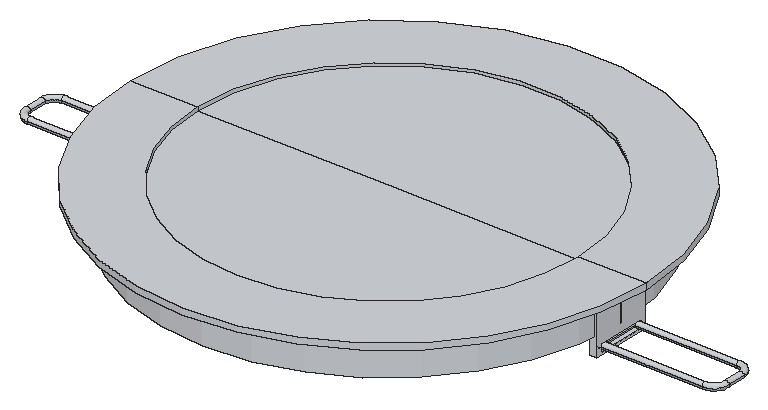
Revit family "0053953", category Lighting Fixtures, host Face, Revit 2017
Family settings
  Host = Face
  Round Connector Dimension = Use Diameter
  Part Type = Normal
  OmniClass Number = 23.80.70.00
  OmniClass Title = Lighting
  Cut with Voids When Loaded = No
  Light Source = Yes
  Shared = No
  Room Calculation Point = No
Parameters (values of type "0053953 SYLFLAT 155 IP44 1100LM 840 DIM")
  Weight = "3.27 kg"
  Wattage Comments = ""
  Wattage = 12 W
  WarrantyStartDate [instance] = "n/a"
  WarrantyGuarantorParts = "n/a"
  WarrantyDurationUnit = "n/a"
  WarrantyDurationParts = "n/a"
  WarrantyDescription = "n/a"
  built-in parameter 1150110 = 1 (stored number, unit not read)
  Voltage = 0 V
  URL = "http://www.sylvania-lighting.com"
  TypeName = "Sylflat 155 IP44 1100lm 840 DIM"
  Type Image = <None>
  Type Comments = "n/a"
  built-in parameter 1114217 = 1 (stored number, unit not read)
  Tilt Angle = -90.00°
  built-in parameter 1150109 = 1 (stored number, unit not read)
  built-in parameter 1150134 = 12
  built-in parameter 1150113 = 1 (stored number, unit not read)
  SerialNumber [instance] = "n/a"
  SIZE_203_SYL = 0
  SIZE_155_SYL = 1
  R_DIFF_SYL = if(SIZE_155_SYL = 1, 63.5 mm, if(SIZE_203_SYL = 1, 86.5 mm, 40 mm))  # 63.5 mm
  R2_SYL = if(SIZE_155_SYL = 1, 77.5 mm, if(SIZE_203_SYL = 1, 101.5 mm, 52.5 mm))  # 77.5 mm
  R1_SYL = if(SIZE_155_SYL = 1, 86 mm, if(SIZE_203_SYL = 1, 113 mm, 60 mm))  # 86 mm
  Photometric Web File = "0053953.ies"
  LUM_HEIGHT_SYL = 15 mm - CHAMF_SYL  # 14 mm
  CLIP_SYL = 10 mm
  CLIP_HOLE_SYL = 2.5 mm
  CLIP_HOLE_HE_SYL = 8.5 mm
  CLIP_D_SYL = R2_SYL - 2.5 mm  # 75 mm
  CLIP_DIST_SYL = R2_SYL - 2.5 mm  # 75 mm
  CLIP_CUTOUT_SYL = 19 mm
  CHAMF_SYL = 1 mm
  Material_3_SYL = none
  PowerFactor = 0.9
  PowerConsumption = "12 W"
  NominalLength = 172 mm
  NominalHeight = 21 mm
  NominalDepth = 172 mm
  Name = "Sylflat 155 IP44 1100lm 840 DIM"
  ModelReference = Name  # "Sylflat 155 IP44 1100lm 840 DIM"
  ModelNumber = "0053953"
  Model = Name  # "Sylflat 155 IP44 1100lm 840 DIM"
  Material = "aluminium housing, other diffuser"
  ManufacturerName = "Feilo Sylvania"
  Manufacturer = "Feilo Sylvania"
  LuminousEfficacy = "92 lm/W"
  built-in parameter 1150105 = 87.854 (stored number, unit not read)
  Lumens = 1104 lm
  LuminaireType = ""
  built-in parameter 1150115 = 1 (stored number, unit not read)
  LightOutputRatio = "n/a"
  built-in parameter 1150137 = (empty or 0)
  built-in parameter 1150139 = (empty or 0)
  LampsType = Lamp  # "LED"
  LampNominalLuminous = "1100 lm"
  LampMacAdamStep = "3"
  LampColourTemperature = "4000 K"
  LampColourRenderingIndex = "80"
  built-in parameter 1150112 = 1 (stored number, unit not read)
  built-in parameter 1150114 = 1 (stored number, unit not read)
  Lamp = "LED"
  Keynote = "16500"
  InstallationDate [instance] = "n/a"
  InputVoltage = "n/a"
  InputNominalFrequency = "n/a"
  built-in parameter 1150132 = (empty or 0)
  built-in parameter 1150102 = (empty or 0)
  built-in parameter 1150107 = 4000 (stored number, unit not read)
  built-in parameter 1150138 = (empty or 0)
  IngressProtection = "IP44/20"
  ImpactProtectionIndex = "IK06"
  built-in parameter 1150106 = 0.87854 (stored number, unit not read)
  IfcExportType = "IfcLightFixtureType"
  IfcExportAs = "IfcLightFixtureType"
  Emit from Circle Diameter = 609.6 mm
  Emit Shape Visible in Rendering = no
  ElectricShockClassification = "Class II"
  built-in parameter 1150104 = 8.5471 (stored number, unit not read)
  DocumentationLiterature = "http://www.sylvania-lighting.com/product/en-int/products/0053953"
  DimmingControlOptions = "n/a"
  Material_2_SYL = none
  Dimming Lamp Color Temperature Shift = <None>
  Description = "Sylflat DIM is an integrated LED recessed downlight with separated phase dimmable driver; 12W; 1100Lm; 92Lm/W; 4000K; IP44 rated from the front; 50,000hrs (L70B50)."
  Default Elevation = 1219.2 mm
  CreatedOn = "8/6/2020"
  CreatedBy = "@sylvania-lighting.com"
  Cost = 0
  Color Filter = 16777215
  built-in parameter 1114216 [instance] = (empty or 0)
  ClassificationValue = "EF_70_80"
  ClassificationName = "Uniclass2015"
  Material_1_SYL = none
  CHAMF_2_SYL = 1 mm
  BarCode [instance] = "n/a"
  built-in parameter 1114218 = 1 (stored number, unit not read)
  built-in parameter 1150133 = 10 (stored number, unit not read)
  AssetType = "Fixed"
  AssetIdentifier [instance] = "n/a"
  Assembly Code = "D5020200"
  Apparent Load = 12 VA
  Material_4_SYL = none
Types (17, lengths in mm): name | Weight | Wattage | TypeName | built-in parameter 1150134 | SIZE_203_SYL | SIZE_155_SYL | R_DIFF_SYL | R2_SYL | R1_SYL | Photometric Web File | CLIP_D_SYL | CLIP_DIST_SYL | PowerFactor | PowerConsumption | NominalLength | NominalHeight | NominalDepth | Name | ModelReference | ModelNumber | Model | Material | LuminousEfficacy | built-in parameter 1150105 | Lumens | LampNominalLuminous | LampMacAdamStep | LampColourTemperature | built-in parameter 1150107 | built-in parameter 1150106 | built-in parameter 1150104 | DocumentationLiterature | Description | Apparent Load
  0053988 SYLFLAT 105 IP44 550LM 830 DIM | "3.555 kg" | 7 W | "Sylflat 105 IP44 550lm 830 DIM" | (empty or 0) | 0 | 1 | 63.5 | 77.5 | 86 | "0053988.ies" | 75 | 75 | 0 | "7 W" | 0 | 0 | 0 | "Sylflat 105 IP44 550lm 830 DIM" | "Sylflat 105 IP44 550lm 830 DIM" | "53988" | "Sylflat 105 IP44 550lm 830 DIM" | "n/a" | "78.57 lm/W" | 43.768 (stored number, unit not read) | 550 lm | "550 lm" | "3" | "3000 K" | 3000 (stored number, unit not read) | 0.43768 (stored number, unit not read) | 7.2995 (stored number, unit not read) | "http://www.sylvania-lighting.com/product/en-int/products/0053988" | "Sylflat DIM is an integrated LED recessed downlight with separated phase dimmable driver; 7W; 550Lm; 79Lm/W; 3000K; IP44 rated from the front; 50,000hrs (L70B50)." | 7 VA
  0053957 SYLFLAT 205 IP44 2250LM 840 DIM | "4.57 kg" | 24 W | "Sylflat 205 IP44 2250lm 840 DIM" | 12 | 1 | 0 | 86.5 | 101.5 | 113 | "0053957.ies" | 99 | 99 | 0.9 | "24 W" | 226 | 21 | 226 | "Sylflat 205 IP44 2250lm 840 DIM" | "Sylflat 205 IP44 2250lm 840 DIM" | "53957" | "Sylflat 205 IP44 2250lm 840 DIM" | "n/a" | "103 lm/W" | 196.72 (stored number, unit not read) | 2472 lm | "2250 lm" | "3" | "4000 K" | 4000 (stored number, unit not read) | 1.9672 (stored number, unit not read) | 9.569 (stored number, unit not read) | "http://www.sylvania-lighting.com/product/en-int/products/0053957" | "Sylflat DIM is an integrated LED recessed downlight with separated phase dimmable driver; 24W; 2250Lm; 103Lm/W; 4000K; IP44 rated from the front; 50,000hrs (L70B50)." | 24 VA
  0053956 SYLFLAT 205 IP44 2200LM 830 DIM | "4.57 kg" | 24 W | "Sylflat 205 IP44 2200lm 830 DIM" | (empty or 0) | 1 | 0 | 86.5 | 101.5 | 113 | "0053956.ies" | 99 | 99 | 0.9 | "24 W" | 226 | 21 | 226 | "Sylflat 205 IP44 2200lm 830 DIM" | "Sylflat 205 IP44 2200lm 830 DIM" | "53956" | "Sylflat 205 IP44 2200lm 830 DIM" | "n/a" | "100 lm/W" | 190.99 (stored number, unit not read) | 2400 lm | "2200 lm" | "3" | "3000 K" | 3000 (stored number, unit not read) | 1.9099 (stored number, unit not read) | 9.2903 (stored number, unit not read) | "http://www.sylvania-lighting.com/product/en-int/products/0053956" | "Sylflat DIM is an integrated LED recessed downlight with separated phase dimmable driver; 24W; 2200Lm; 100Lm/W; 3000K; IP44 rated from the front; 50,000hrs (L70B50)." | 24 VA
  0053955 SYLFLAT 205 IP44 1750LM 840 DIM | "4.57 kg" | 17 W | "Sylflat 205 IP44 1750lm 840 DIM" | 12 | 1 | 0 | 86.5 | 101.5 | 113 | "0053955.ies" | 99 | 99 | 0.9 | "17 W" | 226 | 21 | 226 | "Sylflat 205 IP44 1750lm 840 DIM" | "Sylflat 205 IP44 1750lm 840 DIM" | "53955" | "Sylflat 205 IP44 1750lm 840 DIM" | "aluminium housing, other diffuser" | "103 lm/W" | 139.34 (stored number, unit not read) | 1751 lm | "1750 lm" | "3" | "4000 K" | 4000 (stored number, unit not read) | 1.3934 (stored number, unit not read) | 9.569 (stored number, unit not read) | "http://www.sylvania-lighting.com/product/en-int/products/0053955" | "Sylflat DIM is an integrated LED recessed downlight with separated phase dimmable driver; 17W; 1750Lm; 103Lm/W; 4000K; IP44 rated from the front; 50,000hrs (L70B50)." | 17 VA
  0053954 SYLFLAT 205 IP44 1550LM 830 DIM | "4.57 kg" | 17 W | "Sylflat 205 IP44 1550lm 830 DIM" | (empty or 0) | 1 | 0 | 86.5 | 101.5 | 113 | "0053954.ies" | 99 | 99 | 0.9 | "17 W" | 226 | 21 | 226 | "Sylflat 205 IP44 1550lm 830 DIM" | "Sylflat 205 IP44 1550lm 830 DIM" | "53954" | "Sylflat 205 IP44 1550lm 830 DIM" | "aluminium housing, other diffuser" | "91 lm/W" | 123.11 (stored number, unit not read) | 1547 lm | "1550 lm" | "3" | "3000 K" | 3000 (stored number, unit not read) | 1.2311 (stored number, unit not read) | 8.4542 (stored number, unit not read) | "http://www.sylvania-lighting.com/product/en-int/products/0053954" | "Sylflat DIM is an integrated LED recessed downlight with separated phase dimmable driver; 17W; 1550Lm; 91Lm/W; 3000K; IP44 rated from the front; 50,000hrs (L70B50)." | 17 VA
  0053953 SYLFLAT 155 IP44 1100LM 840 DIM | "3.27 kg" | 12 W | "Sylflat 155 IP44 1100lm 840 DIM" | 12 | 0 | 1 | 63.5 | 77.5 | 86 | "0053953.ies" | 75 | 75 | 0.9 | "12 W" | 172 | 21 | 172 | "Sylflat 155 IP44 1100lm 840 DIM" | "Sylflat 155 IP44 1100lm 840 DIM" | "0053953" | "Sylflat 155 IP44 1100lm 840 DIM" | "aluminium housing, other diffuser" | "92 lm/W" | 87.854 (stored number, unit not read) | 1104 lm | "1100 lm" | "3" | "4000 K" | 4000 (stored number, unit not read) | 0.87854 (stored number, unit not read) | 8.5471 (stored number, unit not read) | "http://www.sylvania-lighting.com/product/en-int/products/0053953" | "Sylflat DIM is an integrated LED recessed downlight with separated phase dimmable driver; 12W; 1100Lm; 92Lm/W; 4000K; IP44 rated from the front; 50,000hrs (L70B50)." | 12 VA
  0053952 SYLFLAT 155 IP44 1000LM 830 DIM | "3.27 kg" | 12 W | "Sylflat 155 IP44 1000lm 830 DIM" | (empty or 0) | 0 | 1 | 63.5 | 77.5 | 86 | "0053952.ies" | 75 | 75 | 0.9 | "12 W" | 172 | 21 | 172 | "Sylflat 155 IP44 1000lm 830 DIM" | "Sylflat 155 IP44 1000lm 830 DIM" | "53952" | "Sylflat 155 IP44 1000lm 830 DIM" | "aluminium housing, other diffuser" | "83 lm/W" | 79.259 (stored number, unit not read) | 996 lm | "1000 lm" | "3" | "3000 K" | 3000 (stored number, unit not read) | 0.79259 (stored number, unit not read) | 7.711 (stored number, unit not read) | "http://www.sylvania-lighting.com/product/en-int/products/0053952" | "Sylflat DIM is an integrated LED recessed downlight with separated phase dimmable driver; 12W; 1000Lm; 83Lm/W; 3000K; IP44 rated from the front; 50,000hrs (L70B50)." | 12 VA
  0053951 ST E DOWNLIGHT FLT 205 IP44 2200 865 DIM | "4.57 kg" | 24 W | "START eco Downlight Flat 205 IP44 2200lm 865 DIM" | 1 | 1 | 0 | 86.5 | 101.5 | 113 | "0053951.ies" | 99 | 99 | 0.9 | "24 W" | 226 | 21 | 226 | "START eco Downlight Flat 205 IP44 2200lm 865 DIM" | "START eco Downlight Flat 205 IP44 2200lm 865 DIM" | "53951" | "START eco Downlight Flat 205 IP44 2200lm 865 DIM" | "n/a" | "92 lm/W" | 175.71 (stored number, unit not read) | 2208 lm | "2200 lm" | "5" | "6500 K" | 6500 (stored number, unit not read) | 1.7571 (stored number, unit not read) | 8.5471 (stored number, unit not read) | "http://www.sylvania-lighting.com/product/en-int/products/0053951" | "START eco Downlight Flat IP44 DIM is an integrated LED recessed downlight with separated phase dimmable driver; 24W; 2200Lm; 92Lm/W; 6500K; IP44 rated from the front; 30,000hrs (L70B50)." | 24 VA
  0053950 ST E DOWNLIGHT FLT 205 IP44 1700 865 DIM | "4.57 kg" | 17 W | "START eco Downlight Flat 205 IP44 1700lm 865 DIM" | 1 | 1 | 0 | 86.5 | 101.5 | 113 | "0053950.ies" | 99 | 99 | 0.9 | "17 W" | 226 | 21 | 226 | "START eco Downlight Flat 205 IP44 1700lm 865 DIM" | "START eco Downlight Flat 205 IP44 1700lm 865 DIM" | "53950" | "START eco Downlight Flat 205 IP44 1700lm 865 DIM" | "aluminium housing, other diffuser" | "100 lm/W" | 135.28 (stored number, unit not read) | 1700 lm | "1700 lm" | "5" | "6500 K" | 6500 (stored number, unit not read) | 1.3528 (stored number, unit not read) | 9.2903 (stored number, unit not read) | "http://www.sylvania-lighting.com/product/en-int/products/0053950" | "START eco Downlight Flat IP44 DIM is an integrated LED recessed downlight with separated phase dimmable driver; 17W; 1700Lm; 100Lm/W; 6500K; IP44 rated from the front; 30,000hrs (L70B50)." | 17 VA
  0053949 ST E DOWNLIGHT FLT 155 IP44 1100 865 DIM | "3.27 kg" | 12 W | "START eco Downlight Flat 155 IP44 1100lm 865 DIM" | 1 | 0 | 1 | 63.5 | 77.5 | 86 | "0053949.ies" | 75 | 75 | 0.9 | "12 W" | 172 | 21 | 172 | "START eco Downlight Flat 155 IP44 1100lm 865 DIM" | "START eco Downlight Flat 155 IP44 1100lm 865 DIM" | "53949" | "START eco Downlight Flat 155 IP44 1100lm 865 DIM" | "aluminium housing, other diffuser" | "92 lm/W" | 87.854 (stored number, unit not read) | 1104 lm | "1100 lm" | "5" | "6500 K" | 6500 (stored number, unit not read) | 0.87854 (stored number, unit not read) | 8.5471 (stored number, unit not read) | "http://www.sylvania-lighting.com/product/en-int/products/0053949" | "START eco Downlight Flat IP44 DIM is an integrated LED recessed downlight with separated phase dimmable driver; 12W; 1100Lm; 92Lm/W; 6500K; IP44 rated from the front; 30,000hrs (L70B50)." | 12 VA
  0053944 ST E DOWNLIGHT FLT 205 IP44 2250 840 DIM | "4.57 kg" | 24 W | "START eco Downlight Flat 205 IP44 2250lm 840 DIM" | 12 | 1 | 0 | 86.5 | 101.5 | 113 | "0053944.ies" | 99 | 99 | 0.9 | "24 W" | 226 | 21 | 226 | "START eco Downlight Flat 205 IP44 2250lm 840 DIM" | "START eco Downlight Flat 205 IP44 2250lm 840 DIM" | "53944" | "START eco Downlight Flat 205 IP44 2250lm 840 DIM" | "n/a" | "94 lm/W" | 179.53 (stored number, unit not read) | 2256 lm | "2250 lm" | "5" | "4000 K" | 4000 (stored number, unit not read) | 1.7953 (stored number, unit not read) | 8.7329 (stored number, unit not read) | "http://www.sylvania-lighting.com/product/en-int/products/0053944" | "START eco Downlight Flat IP44 DIM is an integrated LED recessed downlight with separated phase dimmable driver; 24W; 2250Lm; 94Lm/W; 4000K; IP44 rated from the front; 30,000hrs (L70B50)." | 24 VA
  0053942 ST E DOWNLIGHT FLT 205 IP44 1750 840 DIM | "4.57 kg" | 17 W | "START eco Downlight Flat 205 IP44 1750lm 840 DIM" | 12 | 1 | 0 | 86.5 | 101.5 | 113 | "0053942.ies" | 99 | 99 | 0.9 | "17 W" | 226 | 21 | 226 | "START eco Downlight Flat 205 IP44 1750lm 840 DIM" | "START eco Downlight Flat 205 IP44 1750lm 840 DIM" | "53942" | "START eco Downlight Flat 205 IP44 1750lm 840 DIM" | "aluminium housing, other diffuser" | "103 lm/W" | 139.34 (stored number, unit not read) | 1751 lm | "1750 lm" | "5" | "4000 K" | 4000 (stored number, unit not read) | 1.3934 (stored number, unit not read) | 9.569 (stored number, unit not read) | "http://www.sylvania-lighting.com/product/en-int/products/0053942" | "START eco Downlight Flat IP44 DIM is an integrated LED recessed downlight with separated phase dimmable driver; 17W; 1750Lm; 103Lm/W; 4000K; IP44 rated from the front; 30,000hrs (L70B50)." | 17 VA
  0053941 ST E DOWNLIGHT FLT 155 IP44 1100 840 DIM | "3.27 kg" | 12 W | "START eco Downlight Flat 155 IP44 1100lm 840 DIM" | 12 | 0 | 1 | 63.5 | 77.5 | 86 | "0053941.ies" | 75 | 75 | 0.9 | "12 W" | 172 | 21 | 172 | "START eco Downlight Flat 155 IP44 1100lm 840 DIM" | "START eco Downlight Flat 155 IP44 1100lm 840 DIM" | "53941" | "START eco Downlight Flat 155 IP44 1100lm 840 DIM" | "aluminium housing, other diffuser" | "92 lm/W" | 87.854 (stored number, unit not read) | 1104 lm | "1100 lm" | "5" | "4000 K" | 4000 (stored number, unit not read) | 0.87854 (stored number, unit not read) | 8.5471 (stored number, unit not read) | "http://www.sylvania-lighting.com/product/en-int/products/0053941" | "START eco Downlight Flat IP44 DIM is an integrated LED recessed downlight with separated phase dimmable driver; 12W; 1100Lm; 92Lm/W; 4000K; IP44 rated from the front; 30,000hrs (L70B50)." | 12 VA
  0053940 ST E DOWNLIGHT FLT 205 IP44 2200 830 DIM | "4.57 kg" | 24 W | "START eco Downlight Flat 205 IP44 2200lm 830 DIM" | (empty or 0) | 1 | 0 | 86.5 | 101.5 | 113 | "0053940.ies" | 99 | 99 | 0.9 | "24 W" | 226 | 21 | 226 | "START eco Downlight Flat 205 IP44 2200lm 830 DIM" | "START eco Downlight Flat 205 IP44 2200lm 830 DIM" | "53940" | "START eco Downlight Flat 205 IP44 2200lm 830 DIM" | "n/a" | "92 lm/W" | 175.71 (stored number, unit not read) | 2208 lm | "2200 lm" | "5" | "3000 K" | 3000 (stored number, unit not read) | 1.7571 (stored number, unit not read) | 8.5471 (stored number, unit not read) | "http://www.sylvania-lighting.com/product/en-int/products/0053940" | "START eco Downlight Flat IP44 DIM is an integrated LED recessed downlight with separated phase dimmable driver; 24W; 2200Lm; 92Lm/W; 3000K; IP44 rated from the front; 30,000hrs (L70B50)." | 24 VA
  0053938 ST E DOWNLIGHT FLT 205 IP44 1550 830 DIM | "4.57 kg" | 17 W | "START eco Downlight Flat 205 IP44 1550lm 830 DIM" | (empty or 0) | 1 | 0 | 86.5 | 101.5 | 113 | "0053938.ies" | 99 | 99 | 0.9 | "17 W" | 226 | 21 | 226 | "START eco Downlight Flat 205 IP44 1550lm 830 DIM" | "START eco Downlight Flat 205 IP44 1550lm 830 DIM" | "53938" | "START eco Downlight Flat 205 IP44 1550lm 830 DIM" | "aluminium housing, other diffuser" | "91 lm/W" | 123.11 (stored number, unit not read) | 1547 lm | "1550 lm" | "5" | "3000 K" | 3000 (stored number, unit not read) | 1.2311 (stored number, unit not read) | 8.4542 (stored number, unit not read) | "http://www.sylvania-lighting.com/product/en-int/products/0053938" | "START eco Downlight Flat IP44 DIM is an integrated LED recessed downlight with separated phase dimmable driver; 17W; 1550Lm; 91Lm/W; 3000K; IP44 rated from the front; 30,000hrs (L70B50)." | 17 VA
  0053937 ST E DOWNLIGHT FLT 155 IP44 1000 830 DIM | "3.27 kg" | 12 W | "START eco Downlight Flat 155 IP44 1000lm 830 DIM" | (empty or 0) | 0 | 1 | 63.5 | 77.5 | 86 | "0053937.ies" | 75 | 75 | 0.9 | "12 W" | 172 | 21 | 172 | "START eco Downlight Flat 155 IP44 1000lm 830 DIM" | "START eco Downlight Flat 155 IP44 1000lm 830 DIM" | "53937" | "START eco Downlight Flat 155 IP44 1000lm 830 DIM" | "aluminium housing, other diffuser" | "83 lm/W" | 79.259 (stored number, unit not read) | 996 lm | "1000 lm" | "5" | "3000 K" | 3000 (stored number, unit not read) | 0.79259 (stored number, unit not read) | 7.711 (stored number, unit not read) | "http://www.sylvania-lighting.com/product/en-int/products/0053937" | "START eco Downlight Flat IP44 DIM is an integrated LED recessed downlight with separated phase dimmable driver; 12W; 1000Lm; 83Lm/W; 3000K; IP44 rated from the front; 30,000hrs (L70B50)." | 12 VA
  0053989 SYLFLAT 105 IP44 600LM 840 DIM | "3.555 kg" | 7 W | "Sylflat 105 IP44 600lm 840 DIM" | 12 | 0 | 1 | 63.5 | 77.5 | 86 | "0053989.ies" | 75 | 75 | 0 | "7 W" | 0 | 0 | 0 | "Sylflat 105 IP44 600lm 840 DIM" | "Sylflat 105 IP44 600lm 840 DIM" | "53989" | "Sylflat 105 IP44 600lm 840 DIM" | "n/a" | "85.71 lm/W" | 47.746 (stored number, unit not read) | 600 lm | "600 lm" | "3" | "4000 K" | 4000 (stored number, unit not read) | 0.47746 (stored number, unit not read) | 7.9631 (stored number, unit not read) | "http://www.sylvania-lighting.com/product/en-int/products/0053989" | "Sylflat DIM is an integrated LED recessed downlight with separated phase dimmable driver; 7W; 600Lm; 86Lm/W; 4000K; IP44 rated from the front; 50,000hrs (L70B50)." | 7 VA
Reference planes
  plane 1 "Center (Front/Back)": y = 0
  plane 2: z = 0
  plane 3 "Center (Left/Right)": x = 0
  plane 4: z = 1
  plane 5: z = -1
  plane 6: z = -14
  plane 7: x = 86
  plane 8: x = 63.5
  plane 9: x = 77.5
  plane 10: x = 0
  plane 11: x = -96
  plane 12: x = -77.5
  plane 13: y = 10
  plane 14: y = -10
  plane 15: x = 75
  plane 16: z = -19
  plane 17: z = -16.5
  plane 18: y = -8.5
  plane 19: y = 8.5
  plane 20: x = -75
Forms (mm)
  Revolve 1, solid
    sketch origin (0, 0, 0) x (1, 0, 0) y (0, 0, 1)
      loop
        line (0, 0) -> (0, -14) -> (77.5, -14) -> (77.5, -1) -> (86, -1) -> (86, 1) -> (63.5, 1) -> (63.5, 0) -> (0, 0)
      axis (0, 1) -> (0, -14)
    angle from 360 to 0
  Extrusion 2, solid
    sketch origin (0, 0, 0) x (1, 0, 0) y (0, 1, 0)
      loop
        line (75, 10) -> (75, -10) -> (77.5, -10) -> (77.5, 10) -> (75, 10)
      loop
        line (-75, 10) -> (-77.5, 10) -> (-77.5, -10) -> (-75, -10) -> (-75, 10)
    from -20 to -1
  Extrusion 3, void
    sketch origin (319, 1524, 1219.2) x (0, 1, 0) y (0, 0, 1)
      loop
        line (-1515.5, -1238.2) -> (-1515.5, -1235.7) -> (-1532.5, -1235.7) -> (-1532.5, -1238.2) -> (-1515.5, -1238.2)
    from -440.059 to 10
  Sweep 4, solid
    path origin (-31.995, -2.046, -2.165) x (1, 0, 0) y (0, 1, 0)
      loop
        arc (-82, 9.306) -> (-84.828, 8.135) -> (-86, 5.306) r 4
        line (-86, 5.306) -> (-86, -0.922)
        arc (-86, -0.922) -> (-84.828, -3.75) -> (-82, -4.922) r 4
        line (-82, -4.922) -> (-44, -4.922) -> (-44, 9.306) -> (-82, 9.306)
    profile origin (-94.995, 7.26, -2.165) x (0, 1, 0) y (0, 0, 1)
      loop
        circle (0, -15.572) r 0.967
  Sweep 5, solid
    path origin (31.995, -2.046, -2.165) x (-1, 0, 0) y (0, -1, 0)
      loop
        line (-79, -9.306) -> (-44, -9.306) -> (-44, 4.922) -> (-79, 4.922)
        arc (-79, 4.922) -> (-81.828, 3.75) -> (-83, 0.922) r 4
        line (-83, 0.922) -> (-83, -5.306)
        arc (-83, -5.306) -> (-81.828, -8.135) -> (-79, -9.306) r 4
    profile origin (93.495, 7.26, -2.165) x (0, -1, 0) y (0, 0, 1)
      loop
        circle (0, -15.572) r 0.967
Cuts and joins
  Extrusion 3 cuts Extrusion 2
Dimensions and locks
  "LUM_HEIGHT_SYL": host face to plane 6
  "CHAMF_2_SYL": host face to plane 5
  "CHAMF_SYL": plane 4 to host face
  "R_DIFF_SYL": plane 8 to plane 3 "Center (Left/Right)"
  "R2_SYL": plane 3 "Center (Left/Right)" to plane 9
  "R1_SYL": plane 7 to plane 3 "Center (Left/Right)"
  "CLIP_SYL": plane 14 to plane 1 "Center (Front/Back)" to plane 13
  "CLIP_D_SYL": plane 10 to plane 15
  "R2_SYL": plane 10 to plane 9
  "CLIP_CUTOUT_SYL": host face to plane 16
  "CLIP_HOLE_SYL": plane 17 to plane 16
  "CLIP_HOLE_HE_SYL": plane 19 to plane 1 "Center (Front/Back)" to plane 18
  "R2_SYL": plane 12 to plane 10
  "CLIP_D_SYL": plane 20 to plane 3 "Center (Left/Right)"
  aligned and locked: plane 2 to host face
  aligned and locked: level to host face
  aligned and locked: Revolve 1 sketch curve to plane 3 "Center (Left/Right)"
  aligned and locked: plane 13 to Extrusion 2 sketch curve
  aligned and locked: Extrusion 2 sketch curve to plane 15
  aligned and locked: Extrusion 2 sketch curve to plane 14
  aligned and locked: plane 9 to Extrusion 2 sketch curve
  aligned and locked: Extrusion 3 sketch curve to plane 16
  aligned and locked: plane 19 to Extrusion 3 sketch curve
  aligned and locked: Extrusion 3 sketch curve to plane 17
  aligned and locked: Extrusion 3 sketch curve to plane 18
  aligned and locked: Extrusion 2 sketch curve to plane 13
  aligned and locked: Extrusion 2 sketch curve to plane 20
  aligned and locked: plane 14 to Extrusion 2 sketch curve
  aligned and locked: plane 12 to Extrusion 2 sketch curve
Automatic sketch dimensions
  host sketch curve to host sketch curve = 2438.4 mm  (x2)
  Revolve 1 sketch curve to level = 0 mm
  Revolve 1 sketch curve to plane 3 "Center (Left/Right)" = 0 mm
  plane 8 to Revolve 1 sketch curve = 0 mm
  Revolve 1 sketch curve to plane 6 = 0 mm
  plane 9 to Revolve 1 sketch curve = 0 mm
  Revolve 1 sketch curve to plane 5 = 0 mm
  plane 7 to Revolve 1 sketch curve = 0 mm
  Revolve 1 sketch curve to plane 4 = 0 mm
  Revolve 1 sketch curve to plane 16 = 584.6 mm
  Revolve 1 sketch curve to plane 4 = 2608.058 mm
  plane 1 "Center (Front/Back)" to Sweep 4 sketch curve = 2.968 mm
  plane 12 to Sweep 4 sketch curve = 40.495 mm
  Sweep 4 sketch curve to plane 18 = 1.532 mm
  Sweep 4 sketch curve to Sweep 4 sketch curve = 4 mm
  plane 20 to Sweep 4 sketch curve = 0.995 mm
  Sweep 4 sketch curve to plane 1 "Center (Front/Back)" = 3.26 mm
  Sweep 4 sketch curve to profile plane = 0 mm
  Sweep 4 sketch curve to profile plane = 15.572 mm
  plane 1 "Center (Front/Back)" to Sweep 5 sketch curve = 2.968 mm
  Sweep 5 sketch curve to plane 7 = 28.995 mm
  Sweep 5 sketch curve to plane 18 = 1.532 mm
  Sweep 5 sketch curve to Sweep 5 sketch curve = 4 mm
  Sweep 5 sketch curve to plane 15 = 0.995 mm
  Sweep 5 sketch curve to plane 1 "Center (Front/Back)" = 3.26 mm
  Sweep 5 sketch curve to profile plane = 0 mm
  Sweep 5 sketch curve to profile plane = 15.572 mm
  radius of Sweep 4 sketch curve = 0.967 mm
  radius of Sweep 5 sketch curve = 0.967 mm
